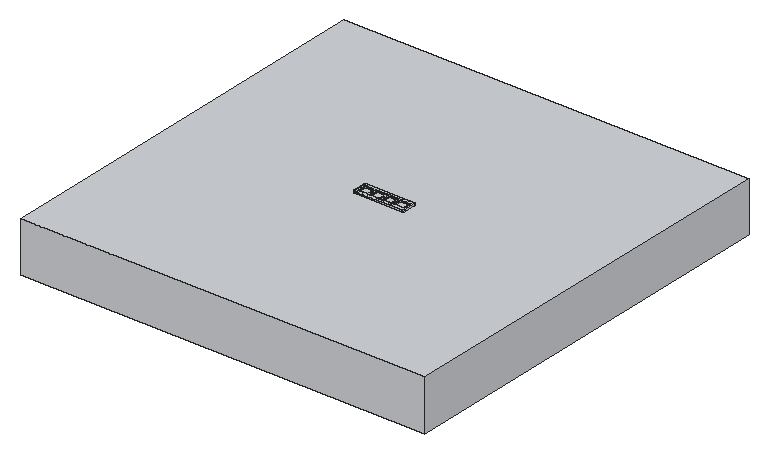
Revit family "Gira_0214411", category Elektroinstallationen, Revit 2017
Family settings
  Basisbauteil = Fläche
  Beschriftungsausrichtung beibehalten = Nein
  Bemaßung runder Anschluss = Durchmesser verwenden
  Teiletyp = Normal
  Beim Laden mit Abzugskörper schneiden = Nein
  Gemeinsam genutzt = Nein
  Raumberechnungspunkt = Nein
Parameters (values of type "Abdeckrahmen 4f Gira E3 Hellgrau/Reinweiß")
  Werkstoffgüte = "sonstige"
  Werkstoff = "sonstige"
  Verfügbar = "Ja"
  URL = "http://katalog.gira.de/de_DE/datenblatt.html?artikelnr=0214411"
  Transparent = "Nein"
  Textfeld/Beschriftungsfläche = "Nein"
  Schutzart (IP) = "IP20"
  Region = "DE"
  Oberfläche = "sonstige"
  Name = "Abdeckrahmen 4f Gira E3 Hellgrau/Reinweiß"
  Montagerichtung = "horizontal und vertikal"
  Mit Montagerahmen = "Nein"
  Mit Klappdeckel = "Nein"
  Kategorie = "Abdeckrahmen"
  Hersteller = "Gira"
  HeinzeBIM = "https://bimportal.heinze.de/bim/abdeckrahmen-4f-gira-e3-hellgrau-reinweiss/0ec6a136d6e71db9892ead0e92b777ef50962e72"
  Halogenfrei = "Nein"
  HAN = "0214411"
  Geeignet für Unterputz-Installation = "Ja"
  Geeignet für Unterflurkanaldose = "Nein"
  Geeignet für Geräteeinbaukanal = "Nein"
  Geeignet für Einbauinstallation = "Nein"
  GTIN = "4010337023807"
  Farbe = "grau"
  Beschreibung = "Abdeckrahmen Gira E3 Hellgrau Soft-Touch mit Trägerrahmen Reinweiß glänzend 4fach Merkmale: - Bruchsicher.  Hinweise : - Soft-Touch-Oberfläche. - NCS-Wert: ähnl. NCS S-2000 N"
  Befestigungsart = "Klemmbefestigung"
  Bauelement = "E3_Rahmen_4fach"
  Default Elevation = 1219.2 mm
  Anzahl der Einheiten vertikal = "4 "
  Anzahl der Einheiten horizontal = "4 "
  Anzahl der Einheiten = "4 "
Reference planes
  plane 1 "Center (Front/Back)": y = 0
  plane 2: z = 0
  plane 3 "Center (Left/Right)": x = 0
Forms (mm)
  Extrusion 1, solid
    sketch origin (0, 0, 0) x (1, 0, 0) y (0, 1, 0)
      loop
        line (-1219.2, 1219.2) -> (-1219.2, -1219.2) -> (1219.2, -1219.2) -> (1219.2, 1219.2) -> (-1219.2, 1219.2)
    from 0 to -304.8
  Extrusion 2, solid, detail levels fine
    sketch origin (0, 0, 0) x (1, 0, 0) y (0, 1, 0)
      loop
        arc (-141.75, 45.809) -> (-149.535, 42.585) -> (-152.759, 34.8) r 11.009
        line (-152.759, 34.8) -> (-152.759, -34.8)
        arc (-152.759, -34.8) -> (-149.535, -42.585) -> (-141.75, -45.809) r 11.009
        line (-141.75, -45.809) -> (141.75, -45.809)
        arc (141.75, -45.809) -> (149.535, -42.585) -> (152.759, -34.8) r 11.009
        line (152.759, -34.8) -> (152.759, 34.8)
        arc (152.759, 34.8) -> (149.535, 42.585) -> (141.75, 45.809) r 11.009
        line (141.75, 45.809) -> (-141.75, 45.809)
      loop
        line (-78.85, 28.187) -> (-135.106, 28.187) -> (-135.106, -28.187) -> (-78.85, -28.187) -> (-78.85, 28.187)
      loop
        line (-63.95, 28.187) -> (-63.95, -28.187) -> (-7.695, -28.187) -> (-7.695, 28.187) -> (-63.95, 28.187)
      loop
        line (78.85, 28.187) -> (78.85, -28.187) -> (135.106, -28.187) -> (135.106, 28.187) -> (78.85, 28.187)
      loop
        line (63.95, 28.187) -> (7.695, 28.187) -> (7.695, -28.187) -> (63.95, -28.187) -> (63.95, 28.187)
    from 7.65 to 9.5
  Extrusion 3, solid, detail levels fine
    sketch origin (-107.15, 0, 0) x (1, 0, 0) y (0, 1, 0)
      loop
        line (26.1, 25.7) -> (-25.7, 25.7) -> (-25.7, -25.7) -> (26.1, -25.7) -> (26.1, 25.7)
      loop
        line (-28.187, -28.156) -> (28.187, -28.156) -> (28.187, 28.156) -> (-28.187, 28.156) -> (-28.187, -28.156)
    from 1.65 to 3.9
  Extrusion 4, solid, detail levels fine
    sketch origin (0, 0, 0) x (1, 0, 0) y (0, 1, 0)
      loop
        arc (-141.75, 45.809) -> (-149.535, 42.585) -> (-152.759, 34.8) r 11.009
        line (-152.759, 34.8) -> (-152.759, -34.8)
        arc (-152.759, -34.8) -> (-149.535, -42.585) -> (-141.75, -45.809) r 11.009
        line (-141.75, -45.809) -> (141.75, -45.809)
        arc (141.75, -45.809) -> (149.535, -42.585) -> (152.759, -34.8) r 11.009
        line (152.759, -34.8) -> (152.759, 34.8)
        arc (152.759, 34.8) -> (149.535, 42.585) -> (141.75, 45.809) r 11.009
        line (141.75, 45.809) -> (-141.75, 45.809)
      loop
        line (-150.793, 34.785) -> (-150.793, -34.785)
        arc (-150.793, -34.785) -> (-148.14, -41.19) -> (-141.735, -43.843) r 9.058
        line (-141.735, -43.843) -> (141.735, -43.843)
        arc (141.735, -43.843) -> (148.14, -41.19) -> (150.793, -34.785) r 9.058
        line (150.793, -34.785) -> (150.793, 34.785)
        arc (150.793, 34.785) -> (148.14, 41.19) -> (141.735, 43.843) r 9.058
        line (141.735, 43.843) -> (-141.735, 43.843)
        arc (-141.735, 43.843) -> (-148.14, 41.19) -> (-150.793, 34.785) r 9.058
    from 0 to 7.65
  Extrusion 5, solid, detail levels fine
    sketch origin (-35.75, 0, 0) x (1, 0, 0) y (0, 1, 0)
      loop
        line (-98.606, -31.075) -> (170.105, -31.075)
        arc (170.105, -31.075) -> (172.749, -29.98) -> (173.844, -27.337) r 3.739
        line (173.844, -27.337) -> (173.844, 27.337)
        arc (173.844, 27.337) -> (172.749, 29.98) -> (170.105, 31.075) r 3.739
        line (170.105, 31.075) -> (-98.606, 31.075)
        arc (-98.606, 31.075) -> (-101.249, 29.98) -> (-102.344, 27.337) r 3.739
        line (-102.344, 27.337) -> (-102.344, -27.337)
        arc (-102.344, -27.337) -> (-101.249, -29.98) -> (-98.606, -31.075) r 3.739
      loop
        line (-101.194, 27.537) -> (-101.194, -27.537)
        arc (-101.194, -27.537) -> (-100.495, -29.226) -> (-98.806, -29.925) r 2.389
        line (-98.806, -29.925) -> (170.305, -29.925)
        arc (170.305, -29.925) -> (171.994, -29.226) -> (172.694, -27.537) r 2.389
        line (172.694, -27.537) -> (172.694, 27.537)
        arc (172.694, 27.537) -> (171.994, 29.226) -> (170.305, 29.925) r 2.389
        line (170.305, 29.925) -> (-98.806, 29.925)
        arc (-98.806, 29.925) -> (-100.495, 29.226) -> (-101.194, 27.537) r 2.389
    from 1.65 to 7.65
  Extrusion 6, solid, detail levels fine
    sketch origin (0, 0, 0) x (1, 0, 0) y (0, 1, 0)
      loop
        line (-139.017, -39.8) -> (139.017, -39.8)
        arc (139.017, -39.8) -> (144.632, -36.708) -> (146.864, -30.7) r 9.2
        line (146.864, -30.7) -> (146.864, 30.7)
        arc (146.864, 30.7) -> (144.17, 37.205) -> (137.664, 39.9) r 9.2
        line (137.664, 39.9) -> (-137.664, 39.9)
        arc (-137.664, 39.9) -> (-144.17, 37.205) -> (-146.864, 30.7) r 9.2
        line (-146.864, 30.7) -> (-146.864, -30.7)
        arc (-146.864, -30.7) -> (-144.632, -36.708) -> (-139.017, -39.8) r 9.2
      loop
        line (-137.664, -31.7) -> (137.664, -31.7)
        arc (137.664, -31.7) -> (138.372, -31.407) -> (138.664, -30.7) r 1
        line (138.664, -30.7) -> (138.664, 30.7)
        arc (138.664, 30.7) -> (138.372, 31.407) -> (137.664, 31.7) r 1
        line (137.664, 31.7) -> (-137.664, 31.7)
        arc (-137.664, 31.7) -> (-138.372, 31.407) -> (-138.664, 30.7) r 1
        line (-138.664, 30.7) -> (-138.664, -30.7)
        arc (-138.664, -30.7) -> (-138.372, -31.407) -> (-137.664, -31.7) r 1
    from 1.65 to 3.9
  Extrusion 7, solid, detail levels fine
    sketch origin (-107.15, 0, 0) x (1, 0, 0) y (0, 1, 0)
      loop
        line (-28.187, 28.156) -> (-28.187, -28.156) -> (28.187, -28.156) -> (28.187, 28.156) -> (-28.187, 28.156)
      loop
        line (-29.925, 29.925) -> (-29.925, -29.925) -> (29.925, -29.925) -> (29.925, 29.925) -> (-29.925, 29.925)
    from 1.65 to 7.65
  Extrusion 8, solid, detail levels coarse+medium
    sketch origin (0, 0, 0) x (1, 0, 0) y (0, 1, 0)
      loop
        line (-152.759, 45.809) -> (-152.759, -45.809) -> (152.759, -45.809) -> (152.759, 45.809) -> (-152.759, 45.809)
    from 0 to 9.5
  Extrusion 9, solid, detail levels fine
    sketch origin (-35.65, 0, 0) x (-1, 0, 0) y (0, -1, 0)
      loop
        line (25.9, -25.7) -> (25.9, 25.7) -> (-25.9, 25.7) -> (-25.9, -25.7) -> (25.9, -25.7)
      loop
        line (-28.187, 28.156) -> (-28.187, -28.156) -> (28.187, -28.156) -> (28.187, 28.156) -> (-28.187, 28.156)
    from 1.65 to 3.9
  Extrusion 10, solid, detail levels fine
    sketch origin (-35.65, 0, 0) x (-1, 0, 0) y (0, -1, 0)
      loop
        line (-28.187, -28.156) -> (28.187, -28.156) -> (28.187, 28.156) -> (-28.187, 28.156) -> (-28.187, -28.156)
      loop
        line (-29.925, -29.925) -> (29.925, -29.925) -> (29.925, 29.925) -> (-29.925, 29.925) -> (-29.925, -29.925)
    from 1.65 to 7.65
  Extrusion 11, solid, detail levels fine
    sketch origin (35.85, 0, 0) x (-1, 0, 0) y (0, -1, 0)
      loop
        line (26.1, -25.7) -> (26.1, 25.7) -> (-25.7, 25.7) -> (-25.7, -25.7) -> (26.1, -25.7)
      loop
        line (-28.187, 28.156) -> (-28.187, -28.156) -> (28.187, -28.156) -> (28.187, 28.156) -> (-28.187, 28.156)
    from 1.65 to 3.9
  Extrusion 12, solid, detail levels fine
    sketch origin (35.85, 0, 0) x (-1, 0, 0) y (0, -1, 0)
      loop
        line (-28.187, -28.156) -> (28.187, -28.156) -> (28.187, 28.156) -> (-28.187, 28.156) -> (-28.187, -28.156)
      loop
        line (-29.925, -29.925) -> (29.925, -29.925) -> (29.925, 29.925) -> (-29.925, 29.925) -> (-29.925, -29.925)
    from 1.65 to 7.65
  Extrusion 13, solid, detail levels fine
    sketch origin (107.15, 0, 0) x (-1, 0, 0) y (0, -1, 0)
      loop
        line (26.1, -25.7) -> (26.1, 25.7) -> (-25.7, 25.7) -> (-25.7, -25.7) -> (26.1, -25.7)
      loop
        line (-28.187, 28.156) -> (-28.187, -28.156) -> (28.187, -28.156) -> (28.187, 28.156) -> (-28.187, 28.156)
    from 1.65 to 3.9
  Extrusion 14, solid, detail levels fine
    sketch origin (107.15, 0, 0) x (-1, 0, 0) y (0, -1, 0)
      loop
        line (-28.187, -28.156) -> (28.187, -28.156) -> (28.187, 28.156) -> (-28.187, 28.156) -> (-28.187, -28.156)
      loop
        line (-29.925, -29.925) -> (29.925, -29.925) -> (29.925, 29.925) -> (-29.925, 29.925) -> (-29.925, -29.925)
    from 1.65 to 7.65
Dimensions and locks
  aligned and locked: plane 2 to Extrusion 1
  aligned and locked: level to Extrusion 1
